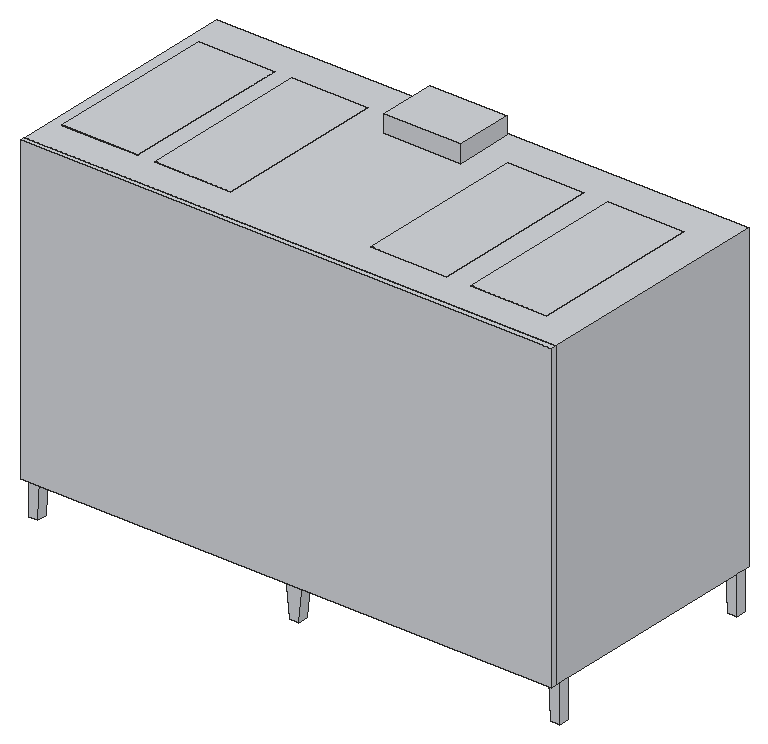
Revit family "AHU 3 _3", category Mechanické zařízení, Revit 2018
Family settings
  Kóta kulaté spojky = Použít průměr
  Typ dílu = Normální
  Číslo OmniClass = 23.75.00.00
  Nadpis OmniClass = Climate Control (HVAC)
  Založené na pracovní rovině = Ne
  Vždy vertikální = Ano
  Ořezat dutým tvarem při načtení = Ne
  Sdílené = Ne
  Bod výpočtu místnosti = Ne
Parameters (values of type "DUPLEXVENT 8000 Multi-V")
  Width [instance] = 1.295 mm
  Weight [instance] = 724.00 kg
  URL = ""
  Type [instance] = "DUPLEXVENT 8000 Multi-V"
  Total_SFP [instance] = 0
  Supply_outlet_hum [instance] = 90
  Supply_inlet_hum [instance] = 90
  Supply_ext_pressure [instance] = 0.0 Pa
  Supply_SFP [instance] = 0
  Source_adu_file [instance] = ""
  Recuperation_type [instance] = "Plate heat recovery exchanger"
  Recuperation_efficiency_EN308 [instance] = 0
  Project_name [instance] = ""
  Project_date [instance] = "9.8.2023"
  Power_supply_fusing [instance] = "0"
  Power_supply_cable [instance] = "0"
  Position [instance] = "AHU 3 "
  Phases_count [instance] = 3
  Panel_thickness [instance] = 0.06 mm
  Outer_surface [instance] = "RAL 9002"
  Length [instance] = 2.8 mm
  Insulation_type [instance] = "PUR"
  Insulation_thickness [instance] = 0.05 mm
  Installation_environment [instance] = ""
  Input_power_max [instance] = 10400 W
  Inner_surface [instance] = "Pozink"
  I2 [instance] = I1  # 0.0 L/s
  Height [instance] = 1.6 mm
  Exhaust_outlet_hum [instance] = 40
  Exhaust_inlet_hum [instance] = 40
  Exhaust_ext_pressure [instance] = 0.0 Pa
  Exhaust_SFP [instance] = 0
  E1 [instance] = E2 - M1  # 0.0 L/s
  E2 [instance] = 0.0 L/s
  I1 [instance] = 0.0 L/s
  Description = ""
  M1 [instance] = 0.0 L/s
  Device_dutypoint_version [instance] = "0"
  Device_design_version [instance] = "9"
  Device_adu_id [instance] = "3"
  Current_max [instance] = 16.8 A
  Casing_mat [instance] = "painted zinc layer"
  Cable type [instance] = "CYKY 5Jx4"
Reference planes
  plane 1 "Střed (vpředu/vzadu)": y = 0
  plane 2 "ref": z = 0
  plane 3 "Střed (vlevo/vpravo)": x = 0
Forms (mm)
  Sweep 1, solid
    path origin (0, 0, 0) x (0, 0, 1) y (1, 0, 0)
      loop
        line (0, 0) -> (1600, 0)
    profile origin (0, 0, 0) x (1, 0, 0) y (0, 1, 0)
      loop
        line (0, 0) -> (2800, 0) -> (2800, 1265) -> (0, 1265) -> (0, 0)
  Sweep 2, solid
    path origin (745, 625, 1599) x (0, 0, 1) y (1, 0, 0)
      loop
        line (0, 0) -> (1, 0)
    profile origin (745, 625, 1599) x (1, 0, 0) y (0, 1, 0)
      loop
        line (-200, -450) -> (200, -450) -> (200, 450) -> (-200, 450) -> (-200, -450)
  Sweep 3, solid
    path origin (2410, 625, 1599) x (0, 0, 1) y (1, 0, 0)
      loop
        line (0, 0) -> (1, 0)
    profile origin (2410, 625, 1599) x (1, 0, 0) y (0, 1, 0)
      loop
        line (-200, -450) -> (200, -450) -> (200, 450) -> (-200, 450) -> (-200, -450)
  Sweep 4, solid
    path origin (1885, 625, 1599) x (0, 0, 1) y (1, 0, 0)
      loop
        line (0, 0) -> (1, 0)
    profile origin (1885, 625, 1599) x (1, 0, 0) y (0, 1, 0)
      loop
        line (-200, -450) -> (200, -450) -> (200, 450) -> (-200, 450) -> (-200, -450)
  Sweep 5, solid
    path origin (255, 625, 1599) x (0, 0, 1) y (1, 0, 0)
      loop
        line (0, 0) -> (1, 0)
    profile origin (255, 625, 1599) x (1, 0, 0) y (0, 1, 0)
      loop
        line (-200, -450) -> (200, -450) -> (200, 450) -> (-200, 450) -> (-200, -450)
  Sweep 6, solid
    path origin (1250, 300, 0) x (0, -1, 0) y (0, 0, 1)
      loop
        line (0, 0) -> (0, -142)
    profile origin (1250, 300, 0) x (-1, 0, 0) y (0, -1, 0)
      loop
        circle (0, 0) r 8
  Sweep 7, solid
    path origin (1258, 300, -150) x (0, 0, -1) y (1, 0, 0)
      loop
        line (0, 0) -> (0, 14)
    profile origin (1258, 300, -150) x (0, 0, 1) y (0, -1, 0)
      loop
        circle (0, 0) r 8
  Sweep 8, solid
    path origin (1280, 300, -142) x (0, -1, 0) y (0, 0, 1)
      loop
        line (0, 0) -> (0, 59)
    profile origin (1280, 300, -142) x (0, 1, 0) y (-1, 0, 0)
      loop
        circle (0, 0) r 8
  Sweep 9, solid
    path origin (1288, 300, -75) x (0, 0, -1) y (1, 0, 0)
      loop
        line (0, 0) -> (0, 22)
    profile origin (1288, 300, -75) x (0, 0, 1) y (0, -1, 0)
      loop
        circle (0, 0) r 8
  Sweep 10, solid
    path origin (1796, 300, 0) x (0, -1, 0) y (0, 0, 1)
      loop
        line (0, 0) -> (0, -142)
    profile origin (1796, 300, 0) x (-1, 0, 0) y (0, -1, 0)
      loop
        circle (0, 0) r 8
  Sweep 11, solid
    path origin (1804, 300, -150) x (0, 0, -1) y (1, 0, 0)
      loop
        line (0, 0) -> (0, 14)
    profile origin (1804, 300, -150) x (0, 0, 1) y (0, -1, 0)
      loop
        circle (0, 0) r 8
  Sweep 12, solid
    path origin (1826, 300, -142) x (0, -1, 0) y (0, 0, 1)
      loop
        line (0, 0) -> (0, 59)
    profile origin (1826, 300, -142) x (0, 1, 0) y (-1, 0, 0)
      loop
        circle (0, 0) r 8
  Sweep 13, solid
    path origin (1834, 300, -75) x (0, 0, -1) y (1, 0, 0)
      loop
        line (0, 0) -> (0, 22)
    profile origin (1834, 300, -75) x (0, 0, 1) y (0, -1, 0)
      loop
        circle (0, 0) r 8
  Sweep 14, solid
    path origin (0, 0, 0) x (0, 0, 1) y (1, 0, 0)
      loop
        line (0, 0) -> (1600, 0)
    profile origin (0, 0, 0) x (1, 0, 0) y (0, 1, 0)
      loop
        line (0, -30) -> (2800, -30) -> (2800, -5) -> (0, -5) -> (0, -30)
  Sweep 15, solid
    path origin (25, 75, 0) x (1, 0, 0) y (0, 1, 0)
      loop
        line (0, 0) -> (0, -50)
    profile origin (25, 75, 0) x (1, 0, 0) y (0, 0, 1)
      loop
        line (-25, 0) -> (-25, -200) -> (25, -200) -> (35, 0) -> (-25, 0)
  Sweep 16, solid
    path origin (2775, 75, 0) x (1, 0, 0) y (0, 1, 0)
      loop
        line (0, 0) -> (0, -50)
    profile origin (2775, 75, 0) x (1, 0, 0) y (0, 0, 1)
      loop
        line (-35, 0) -> (-25, -200) -> (25, -200) -> (25, 0) -> (-35, 0)
  Sweep 17, solid
    path origin (25, 1240, 0) x (1, 0, 0) y (0, 1, 0)
      loop
        line (0, 0) -> (0, -50)
    profile origin (25, 1240, 0) x (1, 0, 0) y (0, 0, 1)
      loop
        line (-25, 0) -> (-25, -200) -> (25, -200) -> (35, 0) -> (-25, 0)
  Sweep 18, solid
    path origin (2775, 1240, 0) x (1, 0, 0) y (0, 1, 0)
      loop
        line (0, 0) -> (0, -50)
    profile origin (2775, 1240, 0) x (1, 0, 0) y (0, 0, 1)
      loop
        line (-35, 0) -> (-25, -200) -> (25, -200) -> (25, 0) -> (-35, 0)
  Sweep 19, solid
    path origin (1400, 75, 0) x (1, 0, 0) y (0, 1, 0)
      loop
        line (0, 0) -> (0, -50)
    profile origin (1400, 75, 0) x (1, 0, 0) y (0, 0, 1)
      loop
        line (-45, 0) -> (-25, -200) -> (25, -200) -> (45, 0) -> (-45, 0)
  Sweep 20, solid
    path origin (1400, 1240, 0) x (1, 0, 0) y (0, 1, 0)
      loop
        line (0, 0) -> (0, -50)
    profile origin (1400, 1240, 0) x (1, 0, 0) y (0, 0, 1)
      loop
        line (-45, 0) -> (-25, -200) -> (25, -200) -> (45, 0) -> (-45, 0)
  Sweep 21, solid
    path origin (0, 0, 1600) x (0, 0, 1) y (1, 0, 0)
      loop
        line (0, 0) -> (90, 0)
    profile origin (0, 0, 1600) x (1, 0, 0) y (0, 1, 0)
      loop
        line (1130, 950) -> (1535, 950) -> (1535, 1255) -> (1130, 1255) -> (1130, 950)
  Sweep 22, solid
    path origin (1130, 1103, 1645) x (0, 0, -1) y (1, 0, 0)
      loop
        line (0, 0) -> (0, -1)
    profile origin (1130, 1103, 1645) x (0, 0, -1) y (0, -1, 0)
      loop
        circle (0, 0) r 10
Lines and regions (mm)
  model lines, style "Symbol"
    curve 1: line (1400, -30, 1600) -> (1400, -30, 960)
    curve 2: line (700, -30, 1600) -> (700, -30, 480)
    curve 3: line (700, -30, 480) -> (920, -30, 480)
    curve 4: line (2100, -30, 1600) -> (2100, -30, 480)
    curve 5: line (2100, -30, 480) -> (1880, -30, 480)
    curve 6: line (920, -30, 480) -> (1160, -30, 960)
    curve 7: line (1160, -30, 960) -> (1640, -30, 960)
    curve 8: line (1640, -30, 960) -> (1880, -30, 480)
    curve 9: line (1880, -30, 480) -> (1640, -30, 0)
    curve 10: line (1640, -30, 0) -> (1400, -30, 0)
    curve 11: line (1400, -30, 0) -> (1160, -30, 0)
    curve 12: line (1160, -30, 0) -> (920, -30, 480)
    curve 13: line (2308, -30, 1140) -> (2362, -30, 1460)
    curve 14: line (2592, -30, 1140) -> (2538, -30, 1460)
    curve 15: line (208, -30, 1140) -> (262, -30, 1460)
    curve 16: line (492, -30, 1140) -> (438, -30, 1460)
    curve 17: line (770, -30, 1280) -> (1330, -30, 1280)
    curve 18: line (1330, -30, 1280) -> (1330, -30, 1120)
    curve 19: line (1330, -30, 1120) -> (770, -30, 1120)
    curve 20: line (770, -30, 1120) -> (770, -30, 1280)
    curve 21: line (770, -30, 1200) -> (1050, -30, 1120)
    curve 22: line (1330, -30, 1200) -> (1050, -30, 1120)
    curve 23: line (1470, -30, 1280) -> (2030, -30, 1280)
    curve 24: line (2030, -30, 1280) -> (2030, -30, 1120)
    curve 25: line (2030, -30, 1120) -> (1470, -30, 1120)
    curve 26: line (1470, -30, 1120) -> (1470, -30, 1280)
    curve 27: line (1470, -30, 1200) -> (1750, -30, 1120)
    curve 28: line (2030, -30, 1200) -> (1750, -30, 1120)
    curve 29: line (797, -30, 554) -> (1015, -30, 982)
    curve 30: line (1015, -30, 982) -> (1139, -30, 918)
    curve 31: line (1139, -30, 918) -> (921, -30, 490)
    curve 32: line (921, -30, 490) -> (797, -30, 554)
    curve 33: line (936, -30, 797) -> (1087, -30, 846)
    curve 34: line (849, -30, 626) -> (1000, -30, 675)
    curve 35: line (0, 1265, -200) -> (0, 1265, 0)
    curve 36: line (2800, 1265, -200) -> (2800, 1265, 0)
    curve 37: line (0, 1265, -200) -> (2800, 1265, -200)
    curve 38: line (0, 0, -200) -> (0, 0, 0)
    curve 39: line (2800, 0, -200) -> (2800, 0, 0)
    curve 40: line (0, 0, -200) -> (2800, 0, -200)
    curve 41: line (0, 1265, -200) -> (0, 0, -200)
    curve 42: line (2800, 1265, -200) -> (2800, 0, -200)
    curve 43: line (0, 200, -200) -> (200, 0, -200)
    curve 44: line (0, 400, -200) -> (400, 0, -200)
    curve 45: line (0, 600, -200) -> (600, 0, -200)
    curve 46: line (0, 800, -200) -> (800, 0, -200)
    curve 47: line (0, 1000, -200) -> (1000, 0, -200)
    curve 48: line (0, 1200, -200) -> (1200, 0, -200)
    curve 49: line (135, 1265, -200) -> (1400, 0, -200)
    curve 50: line (335, 1265, -200) -> (1600, 0, -200)
    curve 51: line (535, 1265, -200) -> (1800, 0, -200)
    curve 52: line (735, 1265, -200) -> (2000, 0, -200)
    curve 53: line (935, 1265, -200) -> (2200, 0, -200)
    curve 54: line (1135, 1265, -200) -> (2400, 0, -200)
    curve 55: line (1335, 1265, -200) -> (2600, 0, -200)
    curve 56: line (1535, 1265, -200) -> (2800, 0, -200)
    curve 57: line (1735, 1265, -200) -> (2800, 200, -200)
    curve 58: line (1935, 1265, -200) -> (2800, 400, -200)
    curve 59: line (2135, 1265, -200) -> (2800, 600, -200)
    curve 60: line (2335, 1265, -200) -> (2800, 800, -200)
    curve 61: line (2535, 1265, -200) -> (2800, 1000, -200)
    curve 62: line (2735, 1265, -200) -> (2800, 1200, -200)
    curve 63: line (2800, 200, -200) -> (2800, 0, 0)
    curve 64: line (2800, 400, -200) -> (2800, 200, 0)
    curve 65: line (2800, 600, -200) -> (2800, 400, 0)
    curve 66: line (2800, 800, -200) -> (2800, 600, 0)
    curve 67: line (2800, 1000, -200) -> (2800, 800, 0)
    curve 68: line (2800, 1200, -200) -> (2800, 1000, 0)
    curve 69: line (2800, 1265, -65) -> (2800, 1200, 0)
    curve 70: line (0, 0, 0) -> (200, 0, -200)
    curve 71: line (200, 0, 0) -> (400, 0, -200)
    curve 72: line (400, 0, 0) -> (600, 0, -200)
    curve 73: line (600, 0, 0) -> (800, 0, -200)
    curve 74: line (800, 0, 0) -> (1000, 0, -200)
    curve 75: line (1000, 0, 0) -> (1200, 0, -200)
    curve 76: line (1200, 0, 0) -> (1400, 0, -200)
    curve 77: line (1400, 0, 0) -> (1600, 0, -200)
    curve 78: line (1600, 0, 0) -> (1800, 0, -200)
    curve 79: line (1800, 0, 0) -> (2000, 0, -200)
    curve 80: line (2000, 0, 0) -> (2200, 0, -200)
    curve 81: line (2200, 0, 0) -> (2400, 0, -200)
    curve 82: line (2400, 0, 0) -> (2600, 0, -200)
    curve 83: line (2600, 0, 0) -> (2800, 0, -200)
    curve 84: line (0, 0, 2180) -> (0, 0, 1600)
    curve 85: line (2800, 0, 2180) -> (2800, 0, 1600)
    curve 86: line (0, 0, 2180) -> (2800, 0, 2180)
    curve 87: line (0, 1265, 2180) -> (0, 1265, 1600)
    curve 88: line (2800, 1265, 2180) -> (2800, 1265, 1600)
    curve 89: line (0, 1265, 2180) -> (2800, 1265, 2180)
    curve 90: line (0, 0, 2180) -> (0, 1265, 2180)
    curve 91: line (2800, 0, 2180) -> (2800, 1265, 2180)
    curve 92: line (0, 1065, 2180) -> (200, 1265, 2180)
    curve 93: line (0, 865, 2180) -> (400, 1265, 2180)
    curve 94: line (0, 665, 2180) -> (600, 1265, 2180)
    curve 95: line (0, 465, 2180) -> (800, 1265, 2180)
    curve 96: line (0, 265, 2180) -> (1000, 1265, 2180)
    curve 97: line (0, 65, 2180) -> (1200, 1265, 2180)
    curve 98: line (135, 0, 2180) -> (1400, 1265, 2180)
    curve 99: line (335, 0, 2180) -> (1600, 1265, 2180)
    curve 100: line (535, 0, 2180) -> (1800, 1265, 2180)
    curve 101: line (735, 0, 2180) -> (2000, 1265, 2180)
    curve 102: line (935, 0, 2180) -> (2200, 1265, 2180)
    curve 103: line (1135, 0, 2180) -> (2400, 1265, 2180)
    curve 104: line (1335, 0, 2180) -> (2600, 1265, 2180)
    curve 105: line (1535, 0, 2180) -> (2800, 1265, 2180)
    curve 106: line (1735, 0, 2180) -> (2800, 1065, 2180)
    curve 107: line (1935, 0, 2180) -> (2800, 865, 2180)
    curve 108: line (2135, 0, 2180) -> (2800, 665, 2180)
    curve 109: line (2335, 0, 2180) -> (2800, 465, 2180)
    curve 110: line (2535, 0, 2180) -> (2800, 265, 2180)
    curve 111: line (2735, 0, 2180) -> (2800, 65, 2180)
    curve 112: line (2800, 1065, 2180) -> (2800, 1265, 1980)
    curve 113: line (2800, 865, 2180) -> (2800, 1265, 1780)
    curve 114: line (2800, 665, 2180) -> (2800, 1245, 1600)
    curve 115: line (2800, 465, 2180) -> (2800, 1045, 1600)
    curve 116: line (2800, 265, 2180) -> (2800, 845, 1600)
    curve 117: line (2800, 65, 2180) -> (2800, 645, 1600)
    curve 118: line (2800, 0, 2045) -> (2800, 445, 1600)
    curve 119: line (2800, 0, 1845) -> (2800, 245, 1600)
    curve 120: line (2800, 0, 1645) -> (2800, 45, 1600)
    curve 121: line (0, 1265, 1980) -> (200, 1265, 2180)
    curve 122: line (0, 1265, 1780) -> (400, 1265, 2180)
    curve 123: line (20, 1265, 1600) -> (600, 1265, 2180)
    curve 124: line (220, 1265, 1600) -> (800, 1265, 2180)
    curve 125: line (420, 1265, 1600) -> (1000, 1265, 2180)
    curve 126: line (620, 1265, 1600) -> (1200, 1265, 2180)
    curve 127: line (820, 1265, 1600) -> (1400, 1265, 2180)
    curve 128: line (1020, 1265, 1600) -> (1600, 1265, 2180)
    curve 129: line (1220, 1265, 1600) -> (1800, 1265, 2180)
    curve 130: line (1420, 1265, 1600) -> (2000, 1265, 2180)
    curve 131: line (1620, 1265, 1600) -> (2200, 1265, 2180)
    curve 132: line (1820, 1265, 1600) -> (2400, 1265, 2180)
    curve 133: line (2020, 1265, 1600) -> (2600, 1265, 2180)
    curve 134: line (2220, 1265, 1600) -> (2800, 1265, 2180)
    curve 135: line (2420, 1265, 1600) -> (2800, 1265, 1980)
    curve 136: line (2620, 1265, 1600) -> (2800, 1265, 1780)
    curve 137: line (0, -30, 0) -> (0, -30, 1600)
    curve 138: line (0, -30, 1600) -> (1120, -30, 1600)
    curve 139: line (1120, -30, 1600) -> (1120, -30, 0)
    curve 140: line (1120, -30, 0) -> (0, -30, 0)
    curve 141: line (1680, -30, 0) -> (1680, -30, 1600)
    curve 142: line (1680, -30, 1600) -> (2800, -30, 1600)
    curve 143: line (2800, -30, 1600) -> (2800, -30, 0)
    curve 144: line (2800, -30, 0) -> (1680, -30, 0)
    curve 145: line (0, -30, 0) -> (2800, -30, 0)
    curve 146: line (0, -30, 1600) -> (2800, -30, 1600)
    curve 147: line (0, -30, 0) -> (0, -30, 1600)
    curve 148: line (2800, -30, 0) -> (2800, -30, 1600)
    curve 149: line (0, -30, 0) -> (0, -5, 0)
    curve 150: line (2800, -30, 0) -> (2800, -5, 0)
    curve 151: line (0, -30, 1600) -> (0, -5, 1600)
    curve 152: line (2800, -30, 1600) -> (2800, -5, 1600)
    curve 153: circle (2450, -30, 1280) r 200 normal (0, -1, 0)
    curve 154: circle (350, -30, 1280) r 200 normal (0, -1, 0)
    curve 155: circle (1012, -30, 822) r 21 normal (0, -1, 0)
    curve 156: circle (924, -30, 650) r 21 normal (0, -1, 0)
    curve 157: circle (1250, 300, 0) r 8 normal (0, 0, -1)
    curve 158: circle (1250, 300, -142) r 8 normal (0, 0, -1)
    curve 159: circle (1796, 300, 0) r 8 normal (0, 0, -1)
    curve 160: circle (1796, 300, -142) r 8 normal (0, 0, -1)
Dimensions and locks
  aligned and locked: level to plane 2 "ref"
Connectors
  hvac at (745, 625, 1600), driven by "E1"
    settings: on Sweep 2, index 1, duct flow 0.0 L/s, flow factor 0, pres drop 0.0 Pa, loss coef 0, conn angle 0.00°, conn width 900 mm, conn height 400 mm, conn diameter 609.6 mm, duct sys type 1, conn prof type 1, flow config 1, flow direction 1, loss method 0, conn ref index -1, conn util no, is conn primary yes, conn desc ""
  hvac at (2410, 625, 1600), driven by "E2"
    settings: on Sweep 3, index 2, duct flow 0.0 L/s, flow factor 1, pres drop 0.0 Pa, loss coef 0, conn angle 0.00°, conn width 900 mm, conn height 400 mm, conn diameter 609.6 mm, duct sys type 1, conn prof type 1, flow config 2, flow direction 2, loss method 0, conn ref index -1, conn util no, is conn primary no, conn desc ""
  hvac at (1885, 625, 1600), driven by "I1"
    settings: on Sweep 4, index 3, duct flow 0.0 L/s, flow factor 1, pres drop 0.0 Pa, loss coef 0, conn angle 0.00°, conn width 900 mm, conn height 400 mm, conn diameter 609.6 mm, duct sys type 3, conn prof type 1, flow config 2, flow direction 1, loss method 0, conn ref index -1, conn util no, is conn primary no, conn desc ""
  hvac at (255, 625, 1600), driven by "I2"
    settings: on Sweep 5, index 4, duct flow 0.0 L/s, flow factor 0, pres drop 0.0 Pa, loss coef 0, conn angle 0.00°, conn width 900 mm, conn height 400 mm, conn diameter 609.6 mm, duct sys type 3, conn prof type 1, flow config 1, flow direction 2, loss method 0, conn ref index -1, conn util no, is conn primary no, conn desc ""
  piping at (1310, 300, -75), diameter 40
    settings: on Sweep 9, index 5, connector inside diameter 609.6 mm, connector length 0 mm, flow factor 0, pipe flow 0.0 L/s, pressure drop 0.0 Pa, fitting loss kfactor 0, connector angle 0.00°, fixture units 0, engagement length 0 mm, angle of deflection 0.00°, flow configuration 1, flow direction 2, fitting loss method 0, system type 16, joint type 0, gender type 0, connector reference index -1, connector utility 0, adjustable connector no, is connector primary yes, connector description ""
  piping at (1856, 300, -75), diameter 40
    settings: on Sweep 13, index 6, connector inside diameter 609.6 mm, connector length 0 mm, flow factor 0, pipe flow 0.0 L/s, pressure drop 0.0 Pa, fitting loss kfactor 0, connector angle 0.00°, fixture units 0, engagement length 0 mm, angle of deflection 0.00°, flow configuration 1, flow direction 2, fitting loss method 0, system type 16, joint type 0, gender type 0, connector reference index -1, connector utility 0, adjustable connector no, is connector primary no, connector description ""
  electrical at (1129, 1103, 1645)
    settings: on Sweep 22, index 7, voltage 400 V, apparent load 0 VA, apparent load phase1 0 VA, apparent load phase2 0 VA, apparent load phase3 0 VA, power factor 1, load classification "Další", number of poles 3, system type 31, power factor state 1, is connector primary yes, connector utility no, sub classification motor no, connector description ""
